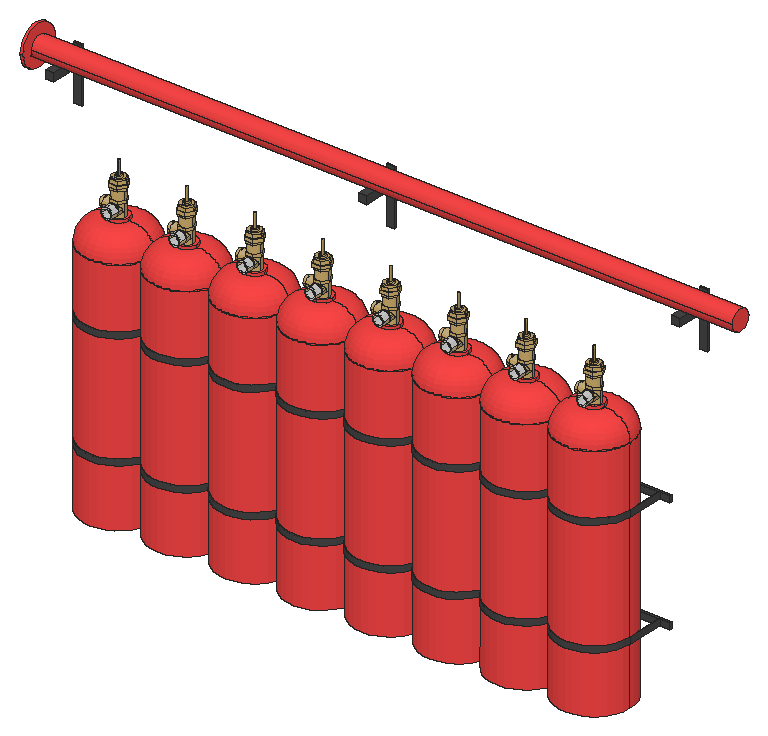
Revit family "Batería de cilindros 240l en simple fila FK-5-1-12_Aguilera Extincion", category Equipos especializados, Revit 2019
Family settings
  Anfitrión = Suelo
  Cota de conector redondo = Radio de uso
  Tipo de pieza = Normal
  Número OmniClass = 23.65.20.14.24
  Título OmniClass = Other Gas Storage Vessels
  Siempre vertical = Sí
  Corte con vacíos al cargar = No
  Compartido = No
  Punto de cálculo de habitación = No
Parameters (values of type "Batería 8 cilindros FK-5-1-12 - 240 l")
  URL = "https://aguilera.es/?productos=sistemas-centralizados-de-67-80-150-y-240l"
  Símbolo texto = yes
  Símbolo = yes
  Rc2 = Radio colector * 2  # 127 mm
  Radio colector = Diámetro colector / 2  # 63.5 mm
  R = Diámetro / 2  # 231 mm
  Número soportes = 3
  Número de cilindros = 8
  Modelo = "AEX/FKB240-08"
  Lt = 4512 mm
  Lcc = Lt / (Número soportes - 0.75)  # 2005.333 mm
  Lc = 535 mm  # constant formula
  Ht = Hc + Diámetro colector  # 2476 mm
  Fabricante = "Aguilera Extinción"  # constant formula
  Diámetro colector = 127 mm
  Descripción = "Batería de cilindros de 240 l, fabricados en acero aleado certificados bajo normativa europea TPED para su uso con NOVEC 1230 de 3M. Presión de trabajo 25 bar a 21.1ºC. Pintados en color rojo (RAL 3002).\r\nEquipados con:\r\n– Válvula de descarga KIDDE 2″. Certificada CE y VdS.\r\n– Solenoide KIDDE 24 Vcc de disparo. Certificado CE y VdS (botella piloto).\r\n– Actuador Manual KIDDE. Certificado CE y Vds.(botella piloto)\r\n– Manómetro con presostato KIDDE. Certificado CE y VdS\r\n– Actuador neumático KIDDE. Certificado CE y VdS (botellas esclavas)\r\n– Latiguillos de disparo y descarga. Certificados CE.\r\n– Colector con brida de acoplamiento.\r\n– Válvulas antirretorno. Certificadas CE.\r\n– Conexión de descarga a colector.\r\n– Herrajes para fijación a pared.\r\n– Caperuza de protección para transporte."  # constant formula
  Diámetro = 462 mm  # constant formula
  Hc = 2349 mm  # constant formula
  D2 = 535 mm  # constant formula
  Cilindro = Cilindros autonomos de 150 a 240l FK-5-1-12_Aguilera Extincion : Cilindro autónomo MH5112® (FK-5-1-12) - 240 l
Types (10, lengths in mm): name | Rc2 | Radio colector | Número soportes | Número de cilindros | Modelo | Lt | Lcc | Ht | Diámetro colector | Cilindro
  (no name) | 127 | 63.5 | 3 | 8 | "AEX/FKB240-08" | 4512 | 2005.333 | 2476 | 127 | Cilindros autonomos de 150 a 240l FK-5-1-12_Aguilera Extincion : Cilindro autónomo MH5112® (FK-5-1-12) - 240 l
  Batería 3 cilindros FK-5-1-12 - 240 l | 76.2 | 38.1 | 2 | 3 | "AEX/FKB240-03" | 1822 | 1457.6 | 2425.2 | 76.2 | Cilindros autonomos de 150 a 240l FK-5-1-12_Aguilera Extincion : Cilindro autónomo MH5112® (FK-5-1-12) - 150 l
  Batería 4 cilindros FK-5-1-12 - 240 l | 101.6 | 50.8 | 2 | 4 | "AEX/FKB240-04" | 2357 | 1885.6 | 2450.6 | 101.6 | Cilindros autonomos de 150 a 240l FK-5-1-12_Aguilera Extincion : Cilindro autónomo MH5112® (FK-5-1-12) - 240 l
  Batería 5 cilindros FK-5-1-12 - 240 l | 101.6 | 50.8 | 2 | 5 | "AEX/FKB240-05" | 2904 | 2323.2 | 2450.6 | 101.6 | Cilindros autonomos de 150 a 240l FK-5-1-12_Aguilera Extincion : Cilindro autónomo MH5112® (FK-5-1-12) - 240 l
  Batería 6 cilindros FK-5-1-12 - 240 l | 127 | 63.5 | 2 | 6 | "AEX/FKB240-06" | 3439 | 2751.2 | 2476 | 127 | Cilindros autonomos de 150 a 240l FK-5-1-12_Aguilera Extincion : Cilindro autónomo MH5112® (FK-5-1-12) - 240 l
  Batería 7 cilindros FK-5-1-12 - 240 l | 127 | 63.5 | 3 | 7 | "AEX/FKB240-07" | 3977 | 1767.556 | 2476 | 127 | Cilindros autonomos de 150 a 240l FK-5-1-12_Aguilera Extincion : Cilindro autónomo MH5112® (FK-5-1-12) - 240 l
  Batería 8 cilindros FK-5-1-12 - 240 l | 127 | 63.5 | 3 | 8 | "AEX/FKB240-08" | 4512 | 2005.333 | 2476 | 127 | Cilindros autonomos de 150 a 240l FK-5-1-12_Aguilera Extincion : Cilindro autónomo MH5112® (FK-5-1-12) - 240 l
  Batería 9 cilindros FK-5-1-12 - 240 l | 152.4 | 76.2 | 3 | 9 | "AEX/FKB240-09" | 5047 | 2243.111 | 2501.4 | 152.4 | Cilindros autonomos de 150 a 240l FK-5-1-12_Aguilera Extincion : Cilindro autónomo MH5112® (FK-5-1-12) - 240 l
  Batería 10 cilindros FK-5-1-12 - 240 l | 152.4 | 76.2 | 3 | 10 | "AEX/FKB240-10" | 5582 | 2480.889 | 2501.4 | 152.4 | Cilindros autonomos de 150 a 240l FK-5-1-12_Aguilera Extincion : Cilindro autónomo MH5112® (FK-5-1-12) - 150 l
  Batería 2 cilindros FK-5-1-12 - 240 l | 76.2 | 38.1 | 2 | 2 | "AEX/FKB240-02" | 1267 | 1013.6 | 2425.2 | 76.2 | Cilindros autonomos de 150 a 240l FK-5-1-12_Aguilera Extincion : Cilindro autónomo MH5112® (FK-5-1-12) - 240 l
Reference planes
  plane 1 "Centro (Frontal/Posterior)": y = 0
  plane 2: z = 0
  plane 3 "Centro (Izquierda/Derecha)": x = 0
  plane 4: z = 600
  plane 5: z = 1200
  plane 6: z = 1565
  plane 7: z = 1703.58
  plane 8: z = 1770
  plane 9: z = 2349
  plane 10: x = -154
  plane 11: z = 2476
  plane 12: x = -600
  plane 13: x = 3912
  plane 14: y = 153.5
  plane 15: x = -440
  plane 16: y = 40.5
  plane 17: z = 2456
Forms (mm)
  Extrusion 1, solid, material "Acero rojo"
    sketch origin (0, 0, 0) x (0, 1, 0) y (0, 0, 1)
      loop
        circle (40.5, 2412.5) r 63.5
    from -600 to 3912
  Extrusion 2, solid, material "Acero rojo"
    sketch origin (0, 0.08, -0.116) x (0, 1, 0) y (0, 0, 1)
      loop
        circle (40.5, 2412.616) r 127
    from -600 to -582.73
Dimensions and locks
  plane 4 to plane 2 = 600 mm
  plane 5 to plane 2 = 1200 mm
  plane 8 to plane 2 = 1770 mm
  "Hc": plane 9 to plane 2
  locked: plane 10 to plane 3 "Centro (Izquierda/Derecha)" at 154
  locked: plane 8 to plane 7 at 66.42
  locked: plane 8 to plane 6 at 205
  "Lt": plane 13 to plane 12
  "Ht": plane 11 to plane 2
  locked: plane 3 "Centro (Izquierda/Derecha)" to plane 12 at 600
  locked: plane 11 to plane 17 at 20
  "Ht": Extrusion 1 sketch curve to plane 2
  equal spacing: group 1, group 2, group 5, group 6, group 7, group 8, group 9, group 10  (x3)
  plane 11 to nested 2 = 151.6 mm
  equal spacing: group 3, group 4, group 11  (x3)
  "Lcc": nested 4 to plane 15
  equal spacing: plane 11, Extrusion 2 sketch curve, plane 9
  "Radio colector": radius of Extrusion 1 sketch curve
  "Rc2": radius of Extrusion 2 sketch curve
  aligned and locked: level to plane 2
  aligned and locked: Extrusion 1 to plane 12
  aligned and locked: plane 13 to Extrusion 1
Automatic sketch dimensions
  Extrusion 1 sketch curve to plane 16 = 0 mm
  plane 16 to Extrusion 2 sketch curve = 0.08 mm
Nested families
  nested 1: "Cilindros autonomos de 150 a 240l FK-5-1-12_Aguilera Extincion" at (0, -46.5, 0), type <- "Cilindro", type "Cilindro autónomo MH5112® (FK-5-1-12) - 240 l"
  nested 2: "Soporte" at (-60, 153.5, -101.6), type "Soporte"
    with Ht 2476 mm
  nested 3: "Cilindros autonomos de 150 a 240l FK-5-1-12_Aguilera Extincion" at (435, -46.5, 0), type <- "Cilindro", type "Cilindro autónomo MH5112® (FK-5-1-12) - 240 l"
  nested 4: "Soporte" at (1945.333, 153.5, -101.6), type "Soporte"
    with Ht 2476 mm
  nested 5: "S_Cilindros_Aguilera Extinción" at (0, 40.5, 0), visible <- "Símbolo", type "S_Cilindros_Aguilera Extinción", detail levels coarse
  nested 6: "Cilindros autonomos de 150 a 240l FK-5-1-12_Aguilera Extincion" at (870, -46.5, 0), type <- "Cilindro", type "Cilindro autónomo MH5112® (FK-5-1-12) - 240 l"
  nested 7: "Cilindros autonomos de 150 a 240l FK-5-1-12_Aguilera Extincion" at (1305, -46.5, 0), type <- "Cilindro", type "Cilindro autónomo MH5112® (FK-5-1-12) - 240 l"
  nested 8: "Cilindros autonomos de 150 a 240l FK-5-1-12_Aguilera Extincion" at (1740, -46.5, 0), type <- "Cilindro", type "Cilindro autónomo MH5112® (FK-5-1-12) - 240 l"
  nested 9: "Cilindros autonomos de 150 a 240l FK-5-1-12_Aguilera Extincion" at (2175, -46.5, 0), type <- "Cilindro", type "Cilindro autónomo MH5112® (FK-5-1-12) - 240 l"
  nested 10: "Cilindros autonomos de 150 a 240l FK-5-1-12_Aguilera Extincion" at (2610, -46.5, 0), type <- "Cilindro", type "Cilindro autónomo MH5112® (FK-5-1-12) - 240 l"
  nested 11: "Cilindros autonomos de 150 a 240l FK-5-1-12_Aguilera Extincion" at (3045, -46.5, 0), type <- "Cilindro", type "Cilindro autónomo MH5112® (FK-5-1-12) - 240 l"
  nested 12: "Soporte" at (3950.667, 153.5, -101.6), type "Soporte"
    with Ht 2476 mm
Connectors
  piping at (-600, 40.5, 2412.5), diameter 127, driven by "Radio colector"
    settings: on Extrusion 1, index 1, connector inside diameter 609.6 mm, connector length 0 mm, flow factor 0, pipe flow 0.0 L/s, pressure drop 0.0 Pa, fitting loss kfactor 0, connector angle 0.00°, fixture units 0, engagement length 0 mm, angle of deflection 0.00°, flow configuration 0, flow direction 0, fitting loss method 0, system type 28, joint type 0, gender type 0, connector reference index -1, connector utility 0, adjustable connector no, is connector primary yes, connector description ""
Definition of nested family "Cilindros autonomos de 150 a 240l FK-5-1-12_Aguilera Extincion"
  Parameters (values of type "Cilindro autónomo MH5112® (FK-5-1-12) - 240 l")
    URL = "https://aguilera.es/?productos=sistemas-autonos-de-150-a-240l"
    Símbolo texto = yes
    Símbolo = yes
    R = Diámetro / 2  # 231 mm
    Model = "AEX/FK240"
    L1 = 596 mm
    Hd = 1730 mm
    H2 = 1120 mm
    H1 = 390 mm
    Manufacturer = "Aguilera Extinción"  # constant formula
    Description = "Cilindro de alta presión, fabricads en acero aleado tratado térmicamente soldados (según Directiva Europea 84/525/CEE). Marcado π . Presión de trabajo de 25 bar, temperatura de servicio de -20ºC a +50ºC, pintados en color rojo (RAL 3002).\r\nEquipada con:\r\n• Válvula de descarga 2 1/2″ con solenoide incorporada. Certiﬁcada CE y VdS.\r\n• Actuador Manual. Certiﬁcado CE y VdS.\r\n• Manómetro con presostato. Certiﬁcado CE y VdS.\r\n• Herrajes para ﬁjación a pared.\r\n• Caperuza de protección para transporte."  # constant formula
    Diámetro = 462 mm
    H = 2000 mm
    Aux_R = R / 2  # 115.5 mm
  Types (3, lengths in mm): name | R | Model | L1 | Hd | H2 | H1 | Diámetro | H | Aux_R
    (no name) | 231 | "AEX/FK240" | 596 | 1730 | 1120 | 390 | 462 | 2000 | 115.5
    Cilindro autónomo MH5112® (FK-5-1-12) - 150 l | 203 | "AEX/FK150" | 564 | 1439 | 920 | 320 | 406 | 1709 | 101.5
    Cilindro autónomo MH5112® (FK-5-1-12) - 240 l | 231 | "AEX/FK240" | 596 | 1730 | 1120 | 390 | 462 | 2000 | 115.5
  Reference planes
    plane 1 "Centro (Frontal/Posterior)": y = 0
    plane 2: z = 0
    plane 3 "Centro (Izquierda/Derecha)": x = 0
    plane 4: y = 231
    plane 5: z = 390
    plane 6: z = 1120
    plane 7: z = 1525
    plane 8: z = 1663.58
    plane 9: z = 1730
    plane 10: z = 2000
    plane 11: x = -100
    plane 12: x = -231
    plane 13: x = 231
    plane 14: x = -231
    plane 15: x = 231
    plane 16: x = -231
    plane 17: x = 231
    plane 18: x = -40
    plane 19: z = 1905
  Forms (mm)
    Extrusion 1, solid, detail levels medium+fine
      sketch origin (0, 0, 0) x (1, 0, 0) y (0, 1, 0)
        loop
          circle (0, 0) r 231
      from 0 to 1525
    Extrusion 2, solid, detail levels medium+fine
      sketch origin (-745.59, -6000, 1663.58) x (-1, 0, 0) y (0, -1, 0)
        loop
          circle (-745.59, -6000) r 40
      from 0 to 241.42
    Extrusion 3, solid, detail levels medium+fine
      sketch origin (-70, 0, 0) x (0, -1, 0) y (0, 0, 1)
        loop
          circle (0, 1730) r 35
      from -70 to 10
    Revolve 4, solid, detail levels medium+fine
      sketch origin (0, 0, 0) x (1, 0, 0) y (0, 0, 1)
        loop
          line (0, 1663.58) -> (-40, 1663.58)
          arc (-40, 1663.58) -> (-170.746, 1643.575) -> (-231, 1525.829) r 145.174
          line (-231, 1525.829) -> (-231, 1525) -> (0, 1525) -> (0, 1663.58)
        axis (0, 1663.58) -> (0, 1525)
      angle from 0 to 360
    Extrusion 5, solid, detail levels fine
      sketch origin (-745.59, -6000, 1120) x (-1, 0, 0) y (0, -1, 0)
        loop
          line (-447.09, -6251) -> (-447.09, -6231) -> (-512.59, -6231) -> (-512.59, -6000)
          arc (-512.59, -6000) -> (-745.59, -5767) -> (-978.59, -6000) r 233
          line (-978.59, -6000) -> (-978.59, -6231) -> (-1044.09, -6231) -> (-1044.09, -6251) -> (-447.09, -6251)
        loop
          arc (-514.59, -6000) -> (-745.59, -5769) -> (-976.59, -6000) r 231
          line (-976.59, -6000) -> (-976.59, -6231) -> (-514.59, -6231) -> (-514.59, -6000)
      from 20 to -20
    Extrusion 6, solid, detail levels fine
      sketch origin (-745.59, -6000, 1663.58) x (-1, 0, 0) y (0, -1, 0)
        loop
          circle (-745.59, -6000) r 62.646
      from 0 to 22.444
    Extrusion 7, solid, detail levels medium+fine
      sketch origin (-745.59, -6000, 390) x (-1, 0, 0) y (0, -1, 0)
        loop
          line (-447.09, -6251) -> (-447.09, -6231) -> (-512.59, -6231) -> (-512.59, -6000)
          arc (-512.59, -6000) -> (-745.59, -5767) -> (-978.59, -6000) r 233
          line (-978.59, -6000) -> (-978.59, -6231) -> (-1044.09, -6231) -> (-1044.09, -6251) -> (-447.09, -6251)
        loop
          arc (-514.59, -6000) -> (-745.59, -5769) -> (-976.59, -6000) r 231
          line (-976.59, -6000) -> (-976.59, -6231) -> (-514.59, -6231) -> (-514.59, -6000)
      from -20 to 20
    Extrusion 8, solid, detail levels medium+fine
      sketch origin (-745.59, -6000, 1905) x (-1, 0, 0) y (0, -1, 0)
        loop
          line (-769.342, -6041.141) -> (-721.837, -6041.141) -> (-698.084, -6000) -> (-721.837, -5958.859) -> (-769.342, -5958.859) -> (-793.095, -6000) -> (-769.342, -6041.141)
      from -8.378 to -30.23
    Extrusion 9, solid, detail levels medium+fine
      sketch origin (0.001, -69.978, 0) x (1, 0.000332, 0) y (0, 0, 1)
        loop
          circle (0, 1730) r 35
      from -70 to -28.863
    Extrusion 10, solid, detail levels medium+fine
      sketch origin (-145, 0, 0) x (0, -1, 0) y (0, 0, 1)
        loop
          circle (0, 1730) r 30
        loop
          circle (0, 1730) r 25
      from -65 to -45
    Extrusion 11, solid, detail levels medium+fine
      sketch origin (0.001, -127.334, 0) x (1, 0.000332, 0) y (0, 0, 1)
        loop
          circle (0, 1730) r 30
      from -86.218 to -73.878
    Extrusion 12, solid, detail levels medium+fine
      sketch origin (0.001, -157.335, 0) x (1, 0.000332, 0) y (0, 0, 1)
        loop
          circle (0, 1730) r 35
        loop
          circle (0, 1730) r 29.994
      from -103.928 to -58.906
    Extrusion 13, solid, detail levels medium+fine
      sketch origin (-745.59, -6000, 1905) x (-1, 0, 0) y (0, -1, 0)
        loop
          line (-769.342, -6041.141) -> (-721.837, -6041.141) -> (-698.084, -6000) -> (-721.837, -5958.859) -> (-769.342, -5958.859) -> (-793.095, -6000) -> (-769.342, -6041.141)
      from -121.888 to -139.419
    Extrusion 14, solid, detail levels medium+fine
      sketch origin (-745.59, -6000, 1905) x (-1, 0, 0) y (0, -1, 0)
        loop
          line (-769.342, -6041.141) -> (-721.837, -6041.141) -> (-698.084, -6000) -> (-721.837, -5958.859) -> (-769.342, -5958.859) -> (-793.095, -6000) -> (-769.342, -6041.141)
      from -51.35 to -67.465
    Extrusion 15, solid, detail levels medium+fine
      sketch origin (-745.59, -6000, 1905) x (-1, 0, 0) y (0, -1, 0)
        loop
          line (-773.409, -6048.185) -> (-717.77, -6048.185) -> (-689.951, -6000) -> (-717.77, -5951.815) -> (-773.409, -5951.815) -> (-801.228, -6000) -> (-773.409, -6048.185)
      from -30.23 to -51.35
    Revolve 16, solid, detail levels fine
      sketch origin (0, 0, 0) x (0, 1, 0) y (0, 0, 1)
        loop
          line (0, 1905) -> (0, 2000) -> (-5, 2000) -> (-5, 1915) -> (-15, 1915) -> (-15, 1910) -> (-20, 1910) -> (-20, 1905) -> (0, 1905)
        axis (0, 2000) -> (0, 1905)
      angle from 0 to 360
  Lines and regions (mm)
    symbolic lines
      curve 1: line (0, 271, 0) -> (0, 231, 0)
      curve 2: line (-25, 251, 0) -> (25, 251, 0)
      curve 3: circle (0, 251, 0) r 15 normal (0, 0, 1)
  Dimensions and locks
    "H1": plane 5 to plane 2
    "H2": plane 6 to plane 2
    "Hd": plane 9 to plane 2
    "H": plane 10 to plane 2
    locked: plane 11 to plane 3 "Centro (Izquierda/Derecha)" at 100
    equal spacing: plane 12, plane 3 "Centro (Izquierda/Derecha)", plane 13
    "Diámetro": plane 12 to plane 13
    locked: plane 9 to plane 8 at 66.42
    locked: plane 9 to plane 7 at 205
    "R": plane 1 "Centro (Frontal/Posterior)" to plane 4
    equal spacing: plane 14, plane 3 "Centro (Izquierda/Derecha)", plane 15
    "Diámetro": plane 14 to plane 15
    equal spacing: Extrusion 5 sketch curve, plane 3 "Centro (Izquierda/Derecha)", Extrusion 5 sketch curve
    "R": Revolve 4 sketch curve to Revolve 4 sketch curve
    equal spacing: plane 16, plane 3 "Centro (Izquierda/Derecha)", plane 17
    "Diámetro": plane 16 to plane 17
    equal spacing: Extrusion 7 sketch curve, plane 3 "Centro (Izquierda/Derecha)", Extrusion 7 sketch curve
    locked: Revolve 4 sketch curve to Revolve 4 sketch curve at 0.829
    locked: plane 10 to plane 19 at 95
    "Diámetro": diameter of Extrusion 1 sketch curve
    aligned and locked: level to plane 2
    aligned and locked: plane 7 to Extrusion 1
    aligned and locked: Extrusion 2 to plane 8
    aligned and locked: Revolve 4 sketch curve to plane 3 "Centro (Izquierda/Derecha)"  (x2)
    aligned and locked: Extrusion 5 sketch curve to Extrusion 5 sketch curve  (x2)
    aligned and locked: Extrusion 5 sketch curve to plane 4
    aligned and locked: Extrusion 5 sketch curve to plane 15
    aligned and locked: Extrusion 5 sketch curve to plane 14
    aligned and locked: Revolve 4 sketch curve to plane 7
    aligned and locked: Extrusion 7 sketch curve to Extrusion 7 sketch curve  (x2)
    aligned and locked: Extrusion 7 sketch curve to plane 17
    aligned and locked: Extrusion 7 sketch curve to plane 16
    aligned and locked: plane 18 to Extrusion 2
    aligned and locked: plane 18 to Revolve 4 sketch curve
    aligned and locked: Extrusion 10 to plane 11
    aligned and locked: plane 19 to Extrusion 2
    aligned and locked: Revolve 16 sketch curve to Revolve 16 sketch curve
  Automatic sketch dimensions
    curve 1 to plane 3 "Centro (Izquierda/Derecha)" = 0 mm
    curve 3 to plane 3 "Centro (Izquierda/Derecha)" = 0 mm
    curve 1 to plane 4 = 0 mm
    curve 1 to curve 3 = 20 mm
    curve 2 to plane 3 "Centro (Izquierda/Derecha)" = 25 mm
    plane 3 "Centro (Izquierda/Derecha)" to curve 2 = 25 mm
    plane 4 to curve 2 = 20 mm
    curve 3 to curve 1 = 20 mm
    plane 1 "Centro (Frontal/Posterior)" to Extrusion 2 sketch curve = 0 mm
    Extrusion 2 sketch curve to plane 3 "Centro (Izquierda/Derecha)" = 0 mm
    plane 1 "Centro (Frontal/Posterior)" to Extrusion 6 sketch curve = 0 mm
    Extrusion 6 sketch curve to plane 3 "Centro (Izquierda/Derecha)" = 0 mm
    plane 1 "Centro (Frontal/Posterior)" to Extrusion 8 sketch curve = 0 mm  (x2)
    plane 3 "Centro (Izquierda/Derecha)" to Extrusion 8 sketch curve = 47.506 mm
    plane 3 "Centro (Izquierda/Derecha)" to Extrusion 8 sketch curve = 23.753 mm  (x2)
    Extrusion 8 sketch curve to plane 3 "Centro (Izquierda/Derecha)" = 23.753 mm  (x2)
    Extrusion 8 sketch curve to Extrusion 8 sketch curve = 23.753 mm
    Extrusion 8 sketch curve to plane 1 "Centro (Frontal/Posterior)" = 41.141 mm
    plane 1 "Centro (Frontal/Posterior)" to Extrusion 8 sketch curve = 41.141 mm
    Extrusion 9 sketch curve to plane 9 = 0 mm
    Extrusion 11 sketch curve to plane 9 = 0 mm
    plane 1 "Centro (Frontal/Posterior)" to Extrusion 13 sketch curve = 0 mm  (x2)
    plane 3 "Centro (Izquierda/Derecha)" to Extrusion 13 sketch curve = 47.506 mm
    plane 3 "Centro (Izquierda/Derecha)" to Extrusion 13 sketch curve = 23.753 mm  (x2)
    Extrusion 13 sketch curve to plane 3 "Centro (Izquierda/Derecha)" = 23.753 mm  (x2)
    Extrusion 13 sketch curve to Extrusion 13 sketch curve = 23.753 mm
    Extrusion 13 sketch curve to plane 1 "Centro (Frontal/Posterior)" = 41.141 mm
    plane 1 "Centro (Frontal/Posterior)" to Extrusion 13 sketch curve = 41.141 mm
    plane 1 "Centro (Frontal/Posterior)" to Extrusion 14 sketch curve = 0 mm  (x2)
    plane 3 "Centro (Izquierda/Derecha)" to Extrusion 14 sketch curve = 47.506 mm
    plane 3 "Centro (Izquierda/Derecha)" to Extrusion 14 sketch curve = 23.753 mm  (x2)
    Extrusion 14 sketch curve to plane 3 "Centro (Izquierda/Derecha)" = 23.753 mm  (x2)
    Extrusion 14 sketch curve to Extrusion 14 sketch curve = 23.753 mm
    Extrusion 14 sketch curve to plane 1 "Centro (Frontal/Posterior)" = 41.141 mm
    plane 1 "Centro (Frontal/Posterior)" to Extrusion 14 sketch curve = 41.141 mm
    plane 1 "Centro (Frontal/Posterior)" to Extrusion 15 sketch curve = 0 mm  (x2)
    plane 3 "Centro (Izquierda/Derecha)" to Extrusion 15 sketch curve = 55.639 mm
    plane 3 "Centro (Izquierda/Derecha)" to Extrusion 15 sketch curve = 27.819 mm  (x2)
    Extrusion 15 sketch curve to plane 3 "Centro (Izquierda/Derecha)" = 27.819 mm  (x2)
    plane 11 to Extrusion 15 sketch curve = 44.361 mm
    Extrusion 15 sketch curve to plane 1 "Centro (Frontal/Posterior)" = 48.185 mm
    plane 1 "Centro (Frontal/Posterior)" to Extrusion 15 sketch curve = 48.185 mm
    Extrusion 12 sketch curve to Extrusion 12 sketch curve = 0 mm  (x2)
    Extrusion 12 sketch curve to plane 9 = 0 mm
    Extrusion 3 sketch curve to plane 1 "Centro (Frontal/Posterior)" = 0 mm
    Extrusion 3 sketch curve to plane 9 = 0 mm
    Extrusion 10 sketch curve to Extrusion 10 sketch curve = 0 mm  (x2)
    Extrusion 10 sketch curve to plane 1 "Centro (Frontal/Posterior)" = 0 mm
    Extrusion 10 sketch curve to plane 9 = 0 mm
    Revolve 16 sketch curve to plane 19 = 0 mm
    Revolve 16 sketch curve to plane 10 = 0 mm
    Revolve 16 sketch curve to plane 1 "Centro (Frontal/Posterior)" = 0 mm
    plane 1 "Centro (Frontal/Posterior)" to Revolve 16 sketch curve = 5 mm
    Revolve 16 sketch curve to Revolve 16 sketch curve = 10 mm
    Revolve 16 sketch curve to Revolve 16 sketch curve = 5 mm
    plane 19 to Revolve 16 sketch curve = 5 mm
    plane 19 to Revolve 16 sketch curve = 10 mm
    Revolve 16 sketch curve to plane 19 = 5.556 mm
    Revolve 16 sketch curve to Revolve 16 sketch curve = 37.5 mm
    plane 1 "Centro (Frontal/Posterior)" to Extrusion 1 sketch curve = 0 mm
    Extrusion 1 sketch curve to plane 3 "Centro (Izquierda/Derecha)" = 0 mm
    Revolve 4 sketch curve to plane 8 = 0 mm
    plane 6 to Revolve 4 sketch curve = 8.628 mm
    Revolve 4 sketch curve to plane 9 = 6 mm
    Extrusion 5 sketch curve to Extrusion 5 sketch curve = 0 mm  (x2)
    plane 1 "Centro (Frontal/Posterior)" to Extrusion 5 sketch curve = 0 mm
    Extrusion 5 sketch curve to plane 15 = 2 mm
    Extrusion 5 sketch curve to Extrusion 5 sketch curve = 65.5 mm
    Extrusion 5 sketch curve to Extrusion 5 sketch curve = 20 mm
    Extrusion 7 sketch curve to Extrusion 7 sketch curve = 0 mm  (x2)
    Extrusion 7 sketch curve to plane 4 = 0 mm
    plane 1 "Centro (Frontal/Posterior)" to Extrusion 7 sketch curve = 0 mm
    Extrusion 7 sketch curve to plane 17 = 2 mm
    Extrusion 7 sketch curve to Extrusion 7 sketch curve = 65.5 mm
    Extrusion 7 sketch curve to Extrusion 7 sketch curve = 20 mm
    radius of curve 3 = 15 mm
    radius of Extrusion 2 sketch curve = 40 mm
    radius of Extrusion 6 sketch curve = 62.646 mm
    radius of Extrusion 9 sketch curve = 35 mm
    radius of Extrusion 11 sketch curve = 30 mm
    radius of Extrusion 12 sketch curve = 35 mm
    radius of Extrusion 12 sketch curve = 29.994 mm
    radius of Extrusion 3 sketch curve = 35 mm
    radius of Extrusion 10 sketch curve = 30 mm
    radius of Extrusion 10 sketch curve = 25 mm
  Nested families
    nested 1: "S_Cilindro_Aguilera Extinción" at (0, 0, 0), visible <- "Símbolo", type "S_Cilindro_Aguilera Extinción", detail levels coarse
  Definition of nested family "S_Cilindro_Aguilera Extinción"
    Parameters (values of type "S_Cilindro_Aguilera Extinción")
      Texto símbolo = "Cilindros"
      Texto modelo = yes
      Modelo = "Cilindros"
    Reference planes
      plane 1: y = 0
      plane 2: x = 0
    Lines and regions (mm)
      detail lines
        curve 1: line (-1.703, -1.659, 0) -> (1.659, -1.659, 0)
        curve 2: line (-1.703, 1.659, 0) -> (-1.703, -1.659, 0)
        curve 3: line (1.659, 1.659, 0) -> (-1.703, 1.659, 0)
        curve 4: line (1.659, -1.659, 0) -> (1.659, 1.659, 0)
        curve 5: circle (0, 0, 0) r 1.659 normal (0, 0, 1)
    Text (mm)
      label "Texto símbolo" at (-0.164, 3.111, 0), shows "Texto símbolo"
      label "Modelo" at (-0.164, -2.652, 0), shows "Modelo", visible <- "Texto modelo"
Definition of nested family "Soporte"
  Parameters (values of type "Soporte")
    Ht = 1266.694 mm
  Reference planes
    plane 1 "Centro (Frontal/Posterior)": y = 0
    plane 2: z = 0
    plane 3 "Centro (Izquierda/Derecha)": x = 0
    plane 4: z = 1266.694
  Forms (mm)
    Extrusion 1, solid
      sketch origin (-380, -6153.5, 976.911) x (0, 0, 1) y (0, -1, 0)
        loop
          line (354.783, -6153.5) -> (354.783, -6143.5) -> (289.783, -6143.5) -> (289.783, -5918.5) -> (239.783, -5918.5) -> (239.783, -6143.5) -> (-0.217, -6143.5) -> (-0.217, -6153.5) -> (354.783, -6153.5)
      from 0 to 50
  Lines and regions (mm)
    symbolic lines
      curve 1: line (-355, 20, 0) -> (-355, -20, 0)
      curve 2: line (-380, 0, 0) -> (-330, 0, 0)
      curve 3: circle (-355, 0, 0) r 15 normal (0, 0, 1)
  Dimensions and locks
    "Ht": plane 4 to plane 2
    aligned and locked: level to plane 2
    aligned and locked: Extrusion 1 sketch curve to plane 4
    aligned and locked: plane 1 "Centro (Frontal/Posterior)" to Extrusion 1 sketch curve
  Automatic sketch dimensions
    plane 1 "Centro (Frontal/Posterior)" to curve 2 = 0 mm
    plane 1 "Centro (Frontal/Posterior)" to curve 3 = 0 mm
    curve 3 to plane 3 "Centro (Izquierda/Derecha)" = 355 mm
    curve 1 to curve 3 = 0 mm
    curve 2 to curve 3 = 25 mm
    curve 3 to curve 2 = 25 mm
    plane 1 "Centro (Frontal/Posterior)" to curve 1 = 20 mm
    curve 1 to plane 1 "Centro (Frontal/Posterior)" = 20 mm
    plane 1 "Centro (Frontal/Posterior)" to Extrusion 1 sketch curve = 10 mm
    Extrusion 1 sketch curve to plane 4 = 50 mm
    Extrusion 1 sketch curve to Extrusion 1 sketch curve = 240 mm
    plane 4 to Extrusion 1 sketch curve = 65 mm
    Extrusion 1 sketch curve to Extrusion 1 sketch curve = 10 mm
    Extrusion 1 sketch curve to Extrusion 1 sketch curve = 225 mm
    radius of curve 3 = 15 mm
Definition of nested family "S_Cilindros_Aguilera Extinción"
  Parameters (values of type "S_Cilindros_Aguilera Extinción")
    Texto símbolo = "Cilindros"
    Texto modelo = yes
    Modelo = "Cilindros"
  Reference planes
    plane 1: y = 0
    plane 2: x = 0
  Lines and regions (mm)
    detail lines
      curve 1: line (-6.666, -1.659, 0) -> (6.654, -1.659, 0)
      curve 2: line (-6.666, 1.659, 0) -> (-6.666, -1.659, 0)
      curve 3: line (6.654, 1.659, 0) -> (-6.666, 1.659, 0)
      curve 4: line (6.654, -1.659, 0) -> (6.654, 1.659, 0)
      curve 5: circle (-4.976, 0, 0) r 1.659 normal (0, 0, 1)
      curve 6: circle (-1.659, 0, 0) r 1.659 normal (0, 0, 1)
      curve 7: circle (1.659, 0, 0) r 1.659 normal (0, 0, 1)
      curve 8: circle (4.976, 0, 0) r 1.659 normal (0, 0, 1)
  Text (mm)
    label "Texto símbolo" at (-0.164, 3.111, 0), shows "Texto símbolo"
    label "Modelo" at (-0.164, -2.652, 0), shows "Modelo", visible <- "Texto modelo"
